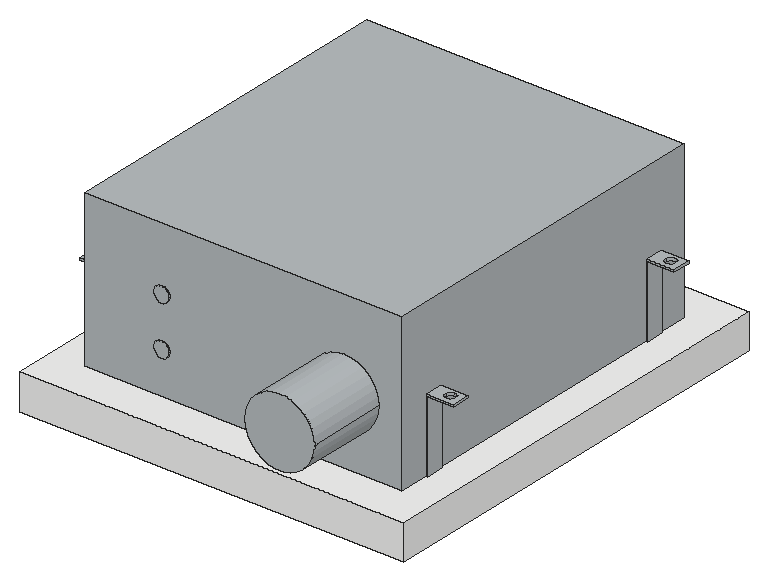
Revit family "v-271bz5-ms_50Hz", category 機械設備, Revit 2019
Family settings
  丸型コネクタ寸法 = 直径を使用
  パーツ タイプ = 標準
  OmniClass 番号 = 23.75.35.17.27
  OmniClass タイトル = Centrifugal Fans
  作業面ベース = いいえ
  常に垂直 = はい
  ロード時にボイドで切り取り = いいえ
  共有 = いいえ
  部屋計算ポイント = はい
Parameters (values of type "V-271BZ5-MS")
  騒音レベル(dB(A)) [instance] = 47.5
  風量 [instance] = 190.0 m³/h
  電源種別 [instance] = ""
  電圧 = 200 V
  電動機出力 = 0 W
  電動機_種別 [instance] = ""
  運転質量 = 0.00 kg
  連動 [instance] = ""
  質量 = if(製品質量 > 運転質量, 製品質量, 運転質量) * 1.2  # 30.60 kg
  負荷分類 = 3_ファン類
  説明 = "バス乾燥・暖房・換気システム ミスト機能付 1部屋用"
  設計風量 [instance] = 0.0 m³/h
  設置方法 = "カセット形"
  記号 [instance] = ""
  製造元 = "三菱電機株式会社"
  製品質量 = 25.50 kg
  製品出荷対象 = "国内"
  製品リリース年月 = "2022年6月1日"
  製品グループ = ""
  給水管_W = 115 mm
  給水管_H = 60 mm
  系統 [instance] = ""
  符号 [instance] = if(☑給気／□排気, "FS", "FE")  # "FE"
  積算_科目 = "2 換気設備"
  積算_拾い区分 [instance] = ""
  相 = 1
  盤記号 [instance] = ""
  発停方法 [instance] = ""
  特殊仕様 [instance] = ""
  点検口離隔 = 350 mm
  点検口_Depth = 450 mm
  点検口 = yes
  火災停止 [instance] = ""
  消費電力 = 2100 W
  法定耐用年数 = "10"
  機外静圧 [instance] = 0.0 Pa
  極数 = 3
  材質 [instance] = ""
  操作・制御方式 = ""
  操作・制御スイッチ = ""
  排気量 [instance] = if(☑給気／□排気, 0.0 m³/h, 設計風量)  # 0.0 m³/h
  形式 = ""
  幹線記号 [instance] = ""
  対象室 [instance] = ""
  実風量 [instance] = 0.0 m³/h
  始動方式 [instance] = "直入"
  天吊金具ピッチ2 = 390 mm
  天吊金具ピッチ1 = 500 mm
  天吊金具_高さ = 101.5 mm
  天吊金具_径 = 15 mm
  外気量 [instance] = if(☑給気／□排気, 設計風量, 0.0 m³/h)  # 0.0 m³/h
  呼称 = "天井扇"
  周波数 = 50 Hz
  参照している仕様書等のバージョン = ""
  加湿給水管径 = 21.7 mm
  分類コード = "50052503100080"
  分類グループ = ""
  価格 = 314900
  企業コード = "108420"
  付属品_防振装置 = ""
  付属品 [instance] = ""
  仕様書バージョン = "Version1.0"
  モデル = "V-271BZ5-MS"
  マテリアル = 亜鉛メッキ鋼板
  ファンの種類 = ""
  ドレン管径 = 21.7 mm
  ドレン管_W = 115 mm
  ドレン管_H = 130 mm
  ダクト径 = 100 mm
  コメント [instance] = ""
  Keynote = ""
  カバーマテリアル = 合成樹脂(白)
  ☑給気／□排気 [instance] = no
  Width = 450 mm
  W2 = 143 mm
  W1 = 544 mm
  Version = ""
  Uniclass2015Version = "Systems v1.9"
  Uniclass2015Title = "Centrifugal fans"
  Uniclass2015Code = "Pr_65_67_29_12"
  URL = "https://www.mitsubishielectric.co.jp/ldg/wink/ssl/displayProduct.do?pid=320494"
  SpecificationReference = ""
  SpecificationDescription = ""
  Revision = ""
  ProductInformation = ""
  OmniClassCode = "23-33 31 19 11 15"
  MIN風量 = 95.0 m³/h
  MIN静圧 = 0.0 Pa
  MID風量 = 0.0 m³/h
  MID静圧 = 0.0 Pa
  MAX風量 = 190.0 m³/h
  MAX静圧 = 0.0 Pa
  IfcTypeProduct = ""
  IfcProduct = ""
  IfcExportType = "PROPELLORAXIAL"
  IfcExportAs = "IfcFanType"
  Height = 220 mm
  H2 = 95.5 mm
  H1 = 50 mm
  EAサイズ_D = 98 mm
  Depth = 500 mm
  D2 = 114 mm
  D1 = 610 mm
  Author = "三菱電機株式会社"
Reference planes
  plane 1 "中心(正面/背面)": y = 0
  plane 2: z = 0
  plane 3 "中心(左/右)": x = 0
  plane 4: x = -272
  plane 5: x = 272
  plane 6: y = 305
  plane 7: y = -305
  plane 8: x = -225
  plane 9: x = 225
  plane 10: y = 250
  plane 11: y = -250
  plane 12: y = -364
  plane 13: z = 220
  plane 14: z = -50
  plane 15: z = 95.5
  plane 16: x = -250
  plane 17: x = 250
  plane 18: y = 195
  plane 19: y = -195
  plane 20: x = 143
  plane 21: x = -575
  plane 22: x = -1025
  plane 23: y = 225
  plane 24: y = -225
  plane 25: x = -228
  plane 26: x = 228
  plane 27: z = 104.5
  plane 28: z = 101.5
  plane 29: x = -115
  plane 30: x = -115
  plane 31: z = 60
  plane 32: z = 130
  plane 33: y = -251
Forms (mm)
  Extrusion 1, solid, material "亜鉛メッキ鋼板" <- "マテリアル", detail levels fine
    sketch origin (0, 0, 0) x (1, 0, 0) y (0, 1, 0)
      loop
        line (-225, 250) -> (-225, -250) -> (225, -250) -> (225, 250) -> (-225, 250)
    from 0 to 220
  Extrusion 2, solid, material "合成樹脂(白)" <- "カバーマテリアル", detail levels fine
    sketch origin (0, 0, 0) x (1, 0, 0) y (0, 1, 0)
      loop
        line (-272, 305) -> (-272, -305) -> (272, -305) -> (272, 305) -> (-272, 305)
    from 0 to -50
  Extrusion 3, solid, material "亜鉛メッキ鋼板" <- "マテリアル", detail levels fine
    sketch origin (0, 0, 0) x (1, 0, 0) y (0, 0, 1)
      loop
        circle (143, 95.5) r 49
    from 250 to 364
  Extrusion 4, solid, material "亜鉛メッキ鋼板" <- "マテリアル", detail levels fine
    sketch origin (0, 0, 0) x (1, 0, 0) y (0, 1, 0)
      loop
        line (-225, -182.5) -> (-265, -182.5) -> (-265, -207.5) -> (-225, -207.5) -> (-225, -182.5)
      loop
        circle (-250, -195) r 7.5
      loop
        line (-225, 207.5) -> (-265, 207.5) -> (-265, 182.5) -> (-225, 182.5) -> (-225, 207.5)
      loop
        line (225, -182.5) -> (225, -207.5) -> (265, -207.5) -> (265, -182.5) -> (225, -182.5)
      loop
        line (225, 207.5) -> (225, 182.5) -> (265, 182.5) -> (265, 207.5) -> (225, 207.5)
      loop
        circle (-250, 195) r 7.5
      loop
        circle (250, 195) r 7.5
      loop
        circle (250, -195) r 7.5
    from 101.5 to 104.5
  Extrusion 5, solid, material "亜鉛メッキ鋼板" <- "マテリアル", detail levels fine
    sketch origin (0, 0, 0) x (1, 0, 0) y (0, 1, 0)
      loop
        line (-228, -182.5) -> (-228, -207.5) -> (-225, -207.5) -> (-225, -182.5) -> (-228, -182.5)
      loop
        line (-228, 207.5) -> (-228, 182.5) -> (-225, 182.5) -> (-225, 207.5) -> (-228, 207.5)
      loop
        line (228, 207.5) -> (225, 207.5) -> (225, 182.5) -> (228, 182.5) -> (228, 207.5)
      loop
        line (228, -182.5) -> (225, -182.5) -> (225, -207.5) -> (228, -207.5) -> (228, -182.5)
    from 0 to 104.5
  Extrusion 6, solid, material "亜鉛メッキ鋼板" <- "マテリアル", detail levels fine
    sketch origin (0, 0, 0) x (1, 0, 0) y (0, 0, 1)
      loop
        circle (-115, 130) r 10.85
      loop
        circle (-115, 60) r 10.85
    from 250 to 251
Cuts and joins
  joined: Extrusion 4, Extrusion 5
Dimensions and locks
  equal spacing: plane 4, plane 3 "中心(左/右)", plane 5
  "W1": plane 4 to plane 5
  equal spacing: plane 6, plane 1 "中心(正面/背面)", plane 7
  "D1": plane 6 to plane 7
  equal spacing: plane 8, plane 3 "中心(左/右)", plane 9
  "Width": plane 8 to plane 9
  equal spacing: plane 10, plane 1 "中心(正面/背面)", plane 11
  "Depth": plane 10 to plane 11
  "D2": plane 11 to plane 12
  "Height": plane 13 to plane 2
  "H2": plane 15 to plane 2
  equal spacing: plane 16, plane 3 "中心(左/右)", plane 17
  "天吊金具ピッチ1": plane 16 to plane 17
  equal spacing: plane 18, plane 1 "中心(正面/背面)", plane 19
  "天吊金具ピッチ2": plane 18 to plane 19
  "H1": plane 2 to plane 14
  "W2": plane 20 to plane 3 "中心(左/右)"
  "点検口_Depth": plane 23 to plane 24
  equal spacing: plane 23, plane 1 "中心(正面/背面)", plane 24
  "点検口_Depth": plane 22 to plane 21
  "点検口離隔": plane 21 to plane 8
  Extrusion 4 sketch curve to Extrusion 4 sketch curve = 25 mm  (x4)
  equal spacing: Extrusion 4 sketch curve, plane 19, Extrusion 4 sketch curve  (x2)
  Extrusion 4 sketch curve to plane 16 = 15 mm  (x2)
  equal spacing: Extrusion 4 sketch curve, plane 18, Extrusion 4 sketch curve  (x2)
  plane 17 to Extrusion 4 sketch curve = 15 mm  (x2)
  plane 9 to plane 26 = 3 mm
  plane 25 to plane 8 = 3 mm
  plane 27 to plane 28 = 3 mm
  "ドレン管_W": plane 3 "中心(左/右)" to plane 29
  "給水管_W": plane 3 "中心(左/右)" to plane 30
  "給水管_H": plane 31 to level
  "ドレン管_H": plane 32 to level
  locked: plane 11 to plane 33 at 1
  "天吊金具_高さ": plane 28 to level
  "天吊金具_径": diameter of Extrusion 4 sketch curve  (x4)
  "EAサイズ_D": diameter of Extrusion 3 sketch curve
  "ドレン管径": diameter of Extrusion 6 sketch curve
  "加湿給水管径": diameter of Extrusion 6 sketch curve
  aligned and locked: level to plane 2
  aligned and locked: plane 5 to Extrusion 2
  aligned and locked: plane 6 to Extrusion 2
  aligned and locked: Extrusion 2 to plane 4
  aligned and locked: Extrusion 2 to plane 7
  aligned and locked: plane 9 to Extrusion 1
  aligned and locked: Extrusion 1 to plane 11
  aligned and locked: Extrusion 1 to plane 8
  aligned and locked: plane 10 to Extrusion 1
  aligned and locked: plane 13 to Extrusion 1
  aligned and locked: Extrusion 2 to plane 14
  aligned and locked: level to Extrusion 2
  aligned and locked: Extrusion 1 to level
  aligned and locked: Extrusion 3 to plane 12
  aligned and locked: plane 11 to Extrusion 3
  aligned and locked: nested 2 to plane 16
  aligned and locked: nested 2 to plane 17
  aligned and locked: nested 2 to plane 19
  aligned and locked: nested 2 to plane 18
  aligned and locked: plane 21 to nested 3
  aligned and locked: plane 22 to nested 3
  aligned and locked: plane 24 to nested 3
  aligned and locked: plane 23 to nested 3
  aligned and locked: plane 8 to Extrusion 4 sketch curve
  aligned and locked: plane 9 to Extrusion 4 sketch curve  (x2)
  aligned and locked: Extrusion 5 sketch curve to Extrusion 4  (x10)
  aligned and locked: plane 25 to Extrusion 5 sketch curve  (x2)
  aligned and locked: Extrusion 4 to Extrusion 5 sketch curve  (x2)
  aligned and locked: plane 26 to Extrusion 5 sketch curve  (x2)
  aligned and locked: plane 27 to Extrusion 4
  aligned and locked: Extrusion 4 to plane 28
  aligned and locked: plane 27 to Extrusion 5
  aligned and locked: Extrusion 5 to plane 2
  aligned and locked: Extrusion 6 to plane 33
  aligned and locked: plane 11 to Extrusion 6
Automatic sketch dimensions
  Extrusion 1 sketch curve to plane 8 = 0 mm
  Extrusion 1 sketch curve to plane 9 = 0 mm
  Extrusion 1 sketch curve to plane 11 = 0 mm
  Extrusion 1 sketch curve to plane 10 = 0 mm
  Extrusion 2 sketch curve to plane 4 = 0 mm
  Extrusion 2 sketch curve to plane 5 = 0 mm
  Extrusion 2 sketch curve to plane 7 = 0 mm
  Extrusion 2 sketch curve to plane 6 = 0 mm
  Extrusion 4 sketch curve to plane 16 = 0 mm  (x2)
  Extrusion 4 sketch curve to plane 8 = 0 mm
  Extrusion 4 sketch curve to plane 17 = 0 mm  (x2)
  Extrusion 4 sketch curve to plane 19 = 0 mm  (x2)
  Extrusion 4 sketch curve to plane 18 = 0 mm  (x2)
  Extrusion 3 sketch curve to plane 15 = 0 mm
  Extrusion 3 sketch curve to plane 20 = 0 mm
  Extrusion 6 sketch curve to plane 29 = 0 mm
  Extrusion 6 sketch curve to plane 30 = 0 mm
  Extrusion 6 sketch curve to plane 31 = 0 mm
  Extrusion 6 sketch curve to plane 32 = 0 mm
Nested families
  nested 1: "記号_天井換気扇_平面" at (0, 0, 0), type "記号_天井換気扇_平面", detail levels coarse+medium
  nested 2: "固定点" at (-250, -195, 0), type "固定点"
    with W 500 mm, D 390 mm
  nested 3: "点検口設置範囲" at (-800, 0, 0), visible <- "点検口", type "点検口設置範囲"
    with Width 450 mm, Depth 450 mm
Connectors
  hvac at (143, -364, 95.5), driven by "ダクト径", driven by "風量", driven by "機外静圧"
    settings: on Extrusion 3, index 1, duct flow 190.0 m³/h, flow factor 0, pres drop 0.0 Pa, loss coef 0, conn angle 0.00°, conn width 304.8 mm, conn height 304.8 mm, conn diameter 100 mm, duct sys type 3, conn prof type 0, flow config 0, flow direction 2, loss method 4, conn ref index -1, conn util no, is conn primary yes, conn desc ""
  electrical at (0, 0, 220), driven by "極数", driven by "負荷分類", driven by "電圧", driven by "消費電力"
    settings: on Extrusion 1, index 6, voltage 200 V, apparent load 2100 VA, apparent load phase1 0 VA, apparent load phase2 0 VA, apparent load phase3 0 VA, power factor 1, load classification "3_ファン類", number of poles 3, system type 30, power factor state 1, is connector primary yes, connector utility no, sub classification motor no, connector description ""
  piping at (-115, -251, 130), diameter 21.7, driven by "ドレン管径"
    settings: on Extrusion 6, index 8, connector inside diameter 609.6 mm, connector length 0 mm, flow factor 0, pipe flow 0.0 L/s, pressure drop 0.0 Pa, fitting loss kfactor 0, connector angle 0.00°, fixture units 0, engagement length 0 mm, angle of deflection 0.00°, flow configuration 0, flow direction 2, fitting loss method 4, system type 16, joint type 0, gender type 0, connector reference index -1, connector utility 0, adjustable connector no, is connector primary yes, connector description ""
  piping at (-115, -251, 60), diameter 21.7, driven by "加湿給水管径"
    settings: on Extrusion 6, index 9, connector inside diameter 609.6 mm, connector length 0 mm, flow factor 0, pipe flow 0.0 L/s, pressure drop 0.0 Pa, fitting loss kfactor 0, connector angle 0.00°, fixture units 0, engagement length 0 mm, angle of deflection 0.00°, flow configuration 0, flow direction 1, fitting loss method 4, system type 20, joint type 0, gender type 0, connector reference index -1, connector utility 0, adjustable connector no, is connector primary no, connector description ""
Definition of nested family "記号_天井換気扇_平面"
  Reference planes
    plane 1: y = 0
    plane 2: x = 0
  Lines and regions (mm)
    detail lines
      curve 1: line (-2.5, 2.5, 0) -> (2.5, 2.5, 0)
      curve 2: line (-2.5, -2.5, 0) -> (-2.5, 2.5, 0)
      curve 3: line (2.5, -2.5, 0) -> (-2.5, -2.5, 0)
      curve 4: line (2.5, 2.5, 0) -> (2.5, -2.5, 0)
      curve 5: circle (-1.04, -1.04, 0) r 1.46 normal (0, 0, 1)
      curve 6: circle (1.04, 1.04, 0) r 1.46 normal (0, 0, 1)
      curve 7: line (-3.125, 3.125, 0) -> (3.125, 3.125, 0)
      curve 8: line (-3.125, -3.125, 0) -> (-3.125, 3.125, 0)
      curve 9: line (3.125, -3.125, 0) -> (-3.125, -3.125, 0)
      curve 10: line (3.125, 3.125, 0) -> (3.125, -3.125, 0)
      curve 11: circle (1.295, 1.295, 0) r 1.83 normal (0, 0, 1)
      curve 12: circle (-1.295, -1.295, 0) r 1.83 normal (0, 0, 1)
      curve 13: line (-2, 2, 0) -> (2, 2, 0)
      curve 14: line (-2, -2, 0) -> (-2, 2, 0)
      curve 15: line (2, -2, 0) -> (-2, -2, 0)
      curve 16: line (2, 2, 0) -> (2, -2, 0)
      curve 17: circle (0.84, 0.84, 0) r 1.16 normal (0, 0, 1)
      curve 18: circle (-0.84, -0.84, 0) r 1.2 normal (0, 0, 1)
Definition of nested family "固定点"
  Parameters (values of type "固定点")
    中心円 = 20 mm
    W [instance] = 1000 mm
    D [instance] = 1000 mm
  Reference planes
    plane 1 "中心(正面/背面)": y = 0
    plane 2: z = 0
    plane 3 "中心(左/右)": x = 0
    plane 4: x = 1000
    plane 5: y = 1000
  Lines and regions (mm)
    symbolic lines, detail levels fine
      curve 1: circle (0, 1000, 0) r 10 normal (0, 0, 1)
      curve 2: circle (0, 0, 0) r 10 normal (0, 0, 1)
      curve 3: circle (1000, 1000, 0) r 10 normal (0, 0, 1)
      curve 4: circle (1000, 0, 0) r 10 normal (0, 0, 1)
      curve 5: line (-200, 1000, 0) -> (1200, 1000, 0)
      curve 6: line (-200, 0, 0) -> (1200, 0, 0)
      curve 7: line (0, 1200, 0) -> (0, -200, 0)
      curve 8: line (1000, 1200, 0) -> (1000, -200, 0)
  Dimensions and locks
    "W": plane 3 "中心(左/右)" to plane 4
    "D": plane 1 "中心(正面/背面)" to plane 5
    "中心円": diameter of curve 1
    "中心円": diameter of curve 2
    "中心円": diameter of curve 3
    "中心円": diameter of curve 4
    aligned and locked: level to plane 2
    aligned and locked: plane 5 to curve 1
    aligned and locked: plane 3 "中心(左/右)" to curve 1
    aligned and locked: plane 3 "中心(左/右)" to curve 2
    aligned and locked: plane 1 "中心(正面/背面)" to curve 2
    aligned and locked: plane 4 to curve 3
    aligned and locked: plane 5 to curve 3
    aligned and locked: plane 1 "中心(正面/背面)" to curve 4
    aligned and locked: plane 4 to curve 4
    aligned and locked: plane 1 "中心(正面/背面)" to curve 6
    aligned and locked: curve 7 to plane 3 "中心(左/右)"
    aligned and locked: curve 8 to plane 4
  Automatic sketch dimensions
    curve 5 to plane 5 = 0 mm
    curve 6 to plane 3 "中心(左/右)" = 200 mm
    curve 5 to plane 3 "中心(左/右)" = 200 mm
    curve 4 to curve 6 = 200 mm
    curve 3 to curve 5 = 200 mm
    plane 1 "中心(正面/背面)" to curve 8 = 200 mm
    plane 1 "中心(正面/背面)" to curve 7 = 200 mm
    curve 3 to curve 8 = 200 mm
    curve 1 to curve 7 = 200 mm
Definition of nested family "点検口設置範囲"
  Parameters (values of type "点検口設置範囲")
    Width [instance] = 1000 mm
    Depth [instance] = 700 mm
  Reference planes
    plane 1 "中心(正面/背面)": y = 0
    plane 2: z = 0
    plane 3 "中心(左/右)": x = 0
    plane 4: x = -500
    plane 5: x = 500
    plane 6: y = -350
    plane 7: y = 350
  Lines and regions (mm)
    model lines
      curve 1: line (-500, 350, 0) -> (500, 350, 0)
      curve 2: line (-500, -350, 0) -> (-500, 350, 0)
      curve 3: line (500, -350, 0) -> (-500, -350, 0)
      curve 4: line (500, 350, 0) -> (500, -350, 0)
  Dimensions and locks
    "Depth": plane 7 to plane 6
    "Width": plane 4 to plane 5
    equal spacing: plane 7, plane 1 "中心(正面/背面)", plane 6
    equal spacing: plane 4, plane 3 "中心(左/右)", plane 5
    aligned and locked: level to plane 2
    aligned and locked: plane 4 to curve 2
    aligned and locked: curve 1 to plane 7
    aligned and locked: curve 4 to plane 5
    aligned and locked: plane 6 to curve 3
